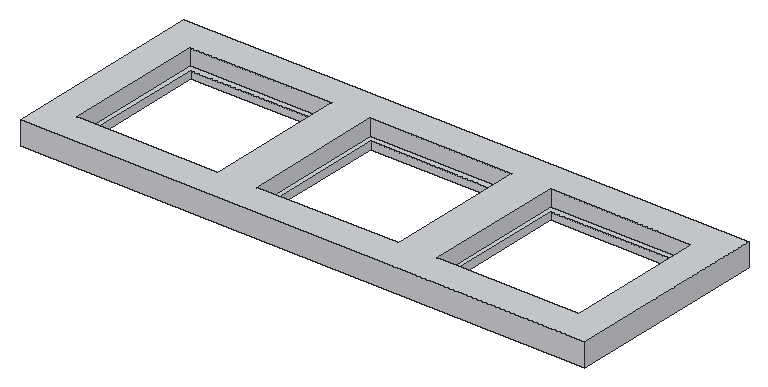
Revit family "Gira_021325", category Electrical Fixtures, host Face, Revit 2017
Family settings
  Host = Face
  Maintain Annotation Orientation = No
  Round Connector Dimension = Use Diameter
  Part Type = Normal
  Cut with Voids When Loaded = No
  Shared = No
  Room Calculation Point = No
Parameters (values of type "Abdeckrahmen 3f Gira E2 F Alu")
  Werkstoffgüte = "Thermoplast"
  Werkstoff = "Kunststoff"
  URL = "http://katalog.gira.de/de_DE/datenblatt.html?artikelnr=021325"
  Transparent = "No"
  Textfeld/Beschriftungsfläche = "No"
  Schutzart (IP) = "IP20"
  Region = "DE"
  Oberfläche = "sonstige"
  Name = "Abdeckrahmen 3f Gira E2 F Alu"
  Montagerichtung = "horizontal und vertikal"
  Mit Montagerahmen = "No"
  Mit Klappdeckel = "No"
  Manufacturer URL = "https://www.gira.de/"
  Keynote = "E2_Rahmen_3fach"
  HeinzeBIM = "https://bimportal.heinze.de/bim/abdeckrahmen-3f-gira-e2-f-alu/c94e6263ecb8ac58c0c2d712729784fbd968aaea"
  Halogenfrei = "Yes"
  HAN = "021325"
  Geeignet für Unterputz-Installation = "Yes"
  Geeignet für Unterflurkanaldose = "No"
  Geeignet für Geräteeinbaukanal = "No"
  Geeignet für Einbauinstallation = "No"
  GTIN = "4010337213253"
  Farbe = "aluminium"
  Default Elevation = 1219.2 mm
  Data sheet (1) = "https://katalog.gira.de/de_DE/download.html?artikelnr=021325"
  Category = "Abdeckrahmen"
  Befestigungsart = "Klemmbefestigung"
  Available = "Yes"
  Anzahl der Einheiten vertikal = "3 "
  Anzahl der Einheiten horizontal = "3 "
  Anzahl der Einheiten = "3 "
Reference planes
  plane 1 "Center (Front/Back)": y = 0
  plane 2: z = 0
  plane 3 "Center (Left/Right)": x = 0
Forms (mm)
  Extrusion 1, solid, detail levels fine
    sketch origin (0, 0, 0) x (1, 0, 0) y (0, 1, 0)
      loop
        line (111.7, 40.4) -> (-111.7, 40.4) -> (-111.7, -40.4) -> (111.7, -40.4) -> (111.7, 40.4)
      loop
        line (43.248, 28.052) -> (43.248, -28.052) -> (99.352, -28.052) -> (99.352, 28.052) -> (43.248, 28.052)
      loop
        line (-28.052, 28.052) -> (-28.052, -28.052) -> (28.052, -28.052) -> (28.052, 28.052) -> (-28.052, 28.052)
      loop
        line (-99.352, 28.052) -> (-99.352, -28.052) -> (-43.248, -28.052) -> (-43.248, 28.052) -> (-99.352, 28.052)
    from 0 to 9.3
  Extrusion 2, solid, detail levels fine
    sketch origin (-71.2, 0, 0) x (1, 0, 0) y (0, 1, 0)
      loop
        line (-28.152, -28.152) -> (28.152, -28.152) -> (28.152, 28.152) -> (-28.152, 28.152) -> (-28.152, -28.152)
      loop
        line (25.9, -25.7) -> (25.9, 25.7) -> (-25.9, 25.7) -> (-25.9, -25.7) -> (25.9, -25.7)
    from 0 to 3
  Extrusion 3, solid, detail levels coarse+medium
    sketch origin (0, 0, 0) x (1, 0, 0) y (0, 1, 0)
      loop
        line (111.7, 40.4) -> (-111.7, 40.4) -> (-111.7, -40.4) -> (111.7, -40.4) -> (111.7, 40.4)
    from 0 to 9.3
  Extrusion 4, solid, detail levels fine
    sketch origin (0.1, -0.047, 0) x (1, 0, 0) y (0, 1, 0)
      loop
        line (-28.152, -28.106) -> (28.152, -28.106) -> (28.152, 28.199) -> (-28.152, 28.199) -> (-28.152, -28.106)
      loop
        line (25.9, -25.653) -> (25.9, 25.747) -> (-25.9, 25.747) -> (-25.9, -25.653) -> (25.9, -25.653)
    from 0 to 3
  Extrusion 5, solid, detail levels fine
    sketch origin (71.2, -0.047, 0) x (1, 0, 0) y (0, 1, 0)
      loop
        line (-27.952, -28.006) -> (28.152, -28.006) -> (28.152, 28.099) -> (-27.952, 28.099) -> (-27.952, -28.006)
      loop
        line (26, -25.653) -> (26, 25.747) -> (-25.9, 25.747) -> (-25.9, -25.653) -> (26, -25.653)
    from 0 to 3
Dimensions and locks
  aligned and locked: plane 2 to host face
  aligned and locked: level to host face
